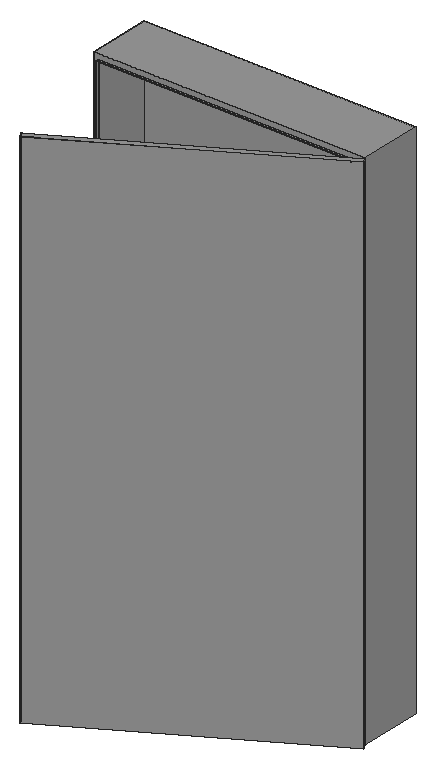
Revit family "Hager-Univers-IP44-D205-H1550-Cl.I-Encl-NoHosted-CH-it", category Electrical Equipment, Revit 2020
Family settings
  Panel Configuration = Two Columns, Circuits Across
  Round Connector Dimension = Use Diameter
  Part Type = Panelboard
  Work Plane-Based = Yes
  Always vertical = Yes
  Cut with Voids When Loaded = No
  Shared = No
  Room Calculation Point = No
Parameters (values of type "A parete IP44 L800 A1550 P205  - FP03TN2")
  Width Control [instance] = if([EF000008 - Larghezza] > Min Width, [EF000008 - Larghezza], Min Width)  # 800 mm
  Type Comments = [HG000003 - Gamma]  # "Univers"
  Thickness Door [instance] = if([EF009171 - spessore materiale porta/coperchio] > 3 mm, 3 mm, [EF009171 - spessore materiale porta/coperchio])  # 1 mm
  Seal Frame Offset [instance] = 17 mm  # constant formula
  Plinth Visibility [instance] = [HG000027 - Altezza dello zoccolo] > 0 mm  # no
  Min Width [instance] = 100 mm  # constant formula
  Min Depth [instance] = (2 * [EF009170 - spessore materiale scatola]) + 1 mm  # 3 mm
  Min Height [instance] = 100 mm  # constant formula
  Internal Frame Depth [instance] = (Door System Depth * 0.5)  # 9 mm
  Panel Name [instance] = ""  # (empty or 0)
  Model = ""
  HG000027 - Altezza dello zoccolo = 0 mm
  HG000026 - A pavimento = no
  HG000024 - Altezza della sezione inferiore = 600 mm
  HG000023 - Custodia a doppia sezione = no
  HG000016 - Visibilità delle porte nella vista 3D [instance] = yes
  HG000015 - Visibilità attraverso la porta [instance] = no
  HG000014 - Porta destra [instance] = yes
  HG000013 - Porta sinistra [instance] = not([HG000014 - Porta destra])  # no
  HG000012 - Angolo di apertura della porta [instance] = 30.00°
  HG000010 - Porte asimmetriche = no
  HG000009 - Porta doppia a battente = no
  HG000006 - Ad incasso = no
  HG000004 - Codice produttore = "FP03TN2"
  HG000003 - Gamma = "Univers"
  HG000002 - Con porta = yes
  Frame Offset Bottom [instance] = 10 mm  # constant formula
  Frame Offset [instance] = 15 mm  # constant formula
  EF015940 - Coprire con rilascio di sovrapressione = no
  EF011959 - tipo di protezione (NEMA) = ""
  EF009554 - numero delle aperture per la piastra della flangia = 6
  EF009212 - esecuzione coperchio = "EV000116 - chiuso"
  EF009171 - spessore materiale porta/coperchio = 1 mm
  EF009170 - spessore materiale scatola = 1 mm
  EF008873 - corrente nominale (In) = 250 A
  EF007800 - adatto per parafulmine = no
  EF006306 - con serratura = no
  EF006244 - coperchio/porta trasparente = no
  EF005474 - grado di protezione (IP) = "EV006418 - IP44"
  EF004464 - tipo di porta = "EV002646 - singolo"
  EF004427 - numero di moduli = 360
  EF004293 - resistenza agli urti = "EV006815 - IK09"
  EF003532 - adatto per uso esterno = no
  EF002950 - Numero moduli DIN = 36
  EF001613 - Integrità del circuito = "EV000494 - senza"
  EF001596 - Attacco Lampada = "EV000179 - acciaio"
  EF001131 - profondità interna = 205 mm
  EF001088 - possibilità di applicazione = yes
  EF000437 - numero di ingressi per conduttori = 6
  EF000339 - tipo di copertura = "EV001012 - coperchio"
  EF000266 - numero di file = 10
  EF000218 - profondità di incasso = 205 mm
  EF000118 - con piastra di montaggio = no
  EF000116 - numero RAL = "9010"
  EF000049 - profondità = 205 mm
  EF000040 - Altezza = 1550 mm
  EF000008 - Larghezza = 800 mm
  EF000007 - colore = "EV000202 - bianco"
  EF000003 - Tipo di montaggio = "EV000384 - A parete"
  Door System Leaf Tolerance [instance] = 1.5 mm  # constant formula
  Door System Depth [instance] = 18 mm  # constant formula
  Door Height [instance] = Height Control - [HG000027 - Altezza dello zoccolo]  # 1550 mm
  Description = ""
  Default Elevation = 1219.2 mm
  Connector Offset [instance] = Height Control / 2  # 775 mm
  Manufacturer = "Hager"  # constant formula
  Height Control [instance] = if([EF000040 - Altezza] > Min Height, [EF000040 - Altezza], Min Height)  # 1550 mm
  Depth Control [instance] = if([EF000049 - profondità] > Min Depth, [EF000049 - profondità], Min Depth)  # 205 mm
  Bottom Top Plate Trim [instance] = 1.5 mm  # constant formula
  Plinth height Ctrl [instance] = if([HG000027 - Altezza dello zoccolo] > 0 mm, [HG000027 - Altezza dello zoccolo], 12 mm)  # 12 mm
Types (5, lengths in mm): name | Width Control | HG000010 - Porte asimmetriche | HG000009 - Porta doppia a battente | HG000004 - Codice produttore | EF009554 - numero delle aperture per la piastra della flangia | EF008873 - corrente nominale (In) | EF004464 - tipo di porta | EF004427 - numero di moduli | EF002950 - Numero moduli DIN | EF000437 - numero di ingressi per conduttori | EF000008 - Larghezza
  A parete IP44 L1050 A1550 P205  - FP04TN2 | 1050 | no | yes | "FP04TN2" | 8 | 400 A | "EV003602 - doppio" | 480 | 48 | 8 | 1050
  A parete IP44 L1300 A1550 P205  - FP05TN2 | 1300 | yes | yes | "FP05TN2" | 10 | 400 A | "EV003602 - doppio" | 600 | 60 | 10 | 1300
  A parete IP44 L300 A1550 P205  - FP01TN2 | 300 | no | no | "FP01TN2" | 2 | 250 A | "EV002646 - singolo" | 120 | 12 | 2 | 300
  A parete IP44 L550 A1550 P205  - FP02TN2 | 550 | no | no | "FP02TN2" | 4 | 250 A | "EV002646 - singolo" | 240 | 24 | 4 | 550
  A parete IP44 L800 A1550 P205  - FP03TN2 | 800 | no | no | "FP03TN2" | 6 | 250 A | "EV002646 - singolo" | 360 | 36 | 6 | 800
Reference planes
  plane 1 "Center (Front/Back)": y = 0
  plane 2: z = 0
  plane 3 "Center (Left/Right)": x = 0
  plane 4: y = 0
  plane 5: y = 0
  plane 6: z = 0
  plane 7: x = -400
  plane 8: x = 400
  plane 9: x = 399
  plane 10: x = -399
  plane 11: z = 0
  plane 12: z = 1
  plane 13: y = -205
  plane 14: y = -1
  plane 15: x = 0
  plane 16: y = -187
  plane 17: y = -204
  plane 18: y = -186
  plane 19: x = -384
  plane 20: x = 384
  plane 21: z = 11
  plane 22: x = -383
  plane 23: x = 383
  plane 24: z = 0
  plane 25: z = 1550
  plane 26: z = 1550
  plane 27: z = 1534
  plane 28: z = 1549
Forms (mm)
  Extrusion 1, solid, material "Hager_Steel_RAL7035_Light_Grey", detail levels medium+fine
    sketch origin (-208.679, -4572, 0) x (-1, 0, 0) y (0, -1, 0)
      loop
        line (191.321, -4385) -> (-608.679, -4385) -> (-608.679, -4572) -> (191.321, -4572) -> (191.321, -4385)
    from 0 to 1550
  Extrusion 2, void
    sketch origin (-350.771, -205, 1219.2) x (1, 0, 0) y (0, 0, 1)
      loop
        line (-48.229, 329.8) -> (-48.229, -1218.2) -> (749.771, -1218.2) -> (749.771, 329.8) -> (-48.229, 329.8)
    from -19 to -204
  Extrusion 3, void
    sketch origin (-290.084, -187, 1219.2) x (1, 0, 0) y (0, 0, 1)
      loop
        line (-93.916, -1208.2) -> (674.084, -1208.2) -> (674.084, 314.8) -> (-93.916, 314.8) -> (-93.916, -1208.2)
    from 0 to -1
  Extrusion 4, solid, material "Hager_Steel_RAL7035_Light_Grey", visible <- "Plinth Visibility", detail levels medium+fine
    sketch origin (0, 0, 0) x (1, 0, 0) y (0, 1, 0)
      loop
        line (-400, 0) -> (-400, -187) -> (400, -187) -> (400, 0) -> (-400, 0)
    from 0 to 12 <- "Plinth height Ctrl"
  Extrusion 5, solid, material "Hager_Steel_RAL7035_Light_Grey", detail levels coarse
    sketch origin (0, 0, 0) x (1, 0, 0) y (0, 1, 0)
      loop
        line (-400, 0) -> (-400, -205) -> (400, -205) -> (400, 0) -> (-400, 0)
    from 0 to 1550 <- "Height Control"
  Sweep 6, void
    path in 3D
      loop
        line (-400, -187, 12) -> (400, -187, 12) -> (400, 0, 12) -> (-400, 0, 12) -> (-400, -187, 12)
    profile origin (-400, -93.5, 12) x (1, 0, 0) y (0, 0, 1)
      loop
        line (0, 0) -> (0, -1.5) -> (1.5, -1.5)
        arc (1.5, -1.5) -> (1.061, -0.439) -> (0, 0) r 1.5
  Extrusion 7, solid, material "Hager_Steel_RAL7035_Light_Grey", detail levels fine
    sketch origin (-400, -187, 0) x (1, 0, 0) y (0, 0, 1)
      loop
        line (16, 11) -> (784, 11) -> (784, 1534) -> (16, 1534) -> (16, 11)
      loop
        line (15, 10) -> (785, 10) -> (785, 1535) -> (15, 1535) -> (15, 10)
    from 0 to 9 <- "Internal Frame Depth"
Cuts and joins
  Extrusion 2, Extrusion 3 cuts Extrusion 1
  Sweep 6 cuts Extrusion 4
Lines and regions (mm)
  Masking region 1
    outline origin (0, 0, 0) x (1, 0, 0) y (0, 1, 0)
      loop
        line (-400, 0) -> (-400, -205) -> (400, -205) -> (400, 0) -> (-400, 0)
  Masking region 2, detail levels coarse
    outline origin (-290.084, -187, 1219.2) x (-1, 0, 0) y (0, 0, 1)
      loop
        line (-690.084, -1219.2) -> (109.916, -1219.2) -> (109.916, 330.8) -> (-690.084, 330.8) -> (-690.084, -1219.2)
  Masking region 3, detail levels coarse
    outline origin (0, 0, 0) x (0, 1, 0) y (0, 0, 1)
      loop
        line (0, 0) -> (0, 1550) -> (-205, 1550) -> (-205, 0) -> (0, 0)
  Masking region 4, visible <- "Plinth Visibility", detail levels medium+fine
    outline origin (0, 0, 0) x (0, 1, 0) y (0, 0, 1)
      loop
        line (-1.5, 12) -> (-185.5, 12)
        arc (-185.5, 12) -> (-185.939, 10.939) -> (-187, 10.5) r 1.5
        line (-187, 10.5) -> (-187, 0) -> (0, 0) -> (0, 10.5)
        arc (0, 10.5) -> (-1.061, 10.939) -> (-1.5, 12) r 1.5
  Masking region 5, detail levels medium+fine
    outline origin (0, 0, 594.038) x (0, 1, 0) y (0, 0, 1)
      loop
        line (0, -594.038) -> (0, 955.962) -> (-187, 955.962) -> (-187, -594.038) -> (0, -594.038)
  Masking region 6, detail levels medium+fine
    outline origin (-359.7, -187, 1211.883) x (-1, 0, 0) y (0, 0, 1)
      loop
        line (-759.7, -1211.883) -> (40.3, -1211.883) -> (40.3, 338.117) -> (-759.7, 338.117) -> (-759.7, -1211.883)
  Masking region 7, visible <- "Plinth Visibility", detail levels medium+fine
    outline origin (-320.334, -187, 1041.368) x (-1, 0, 0) y (0, 0, 1)
      loop
        line (-720.334, -1041.368) -> (79.666, -1041.368) -> (79.666, -1030.868)
        arc (79.666, -1030.868) -> (78.606, -1030.429) -> (78.166, -1029.368) r 1.5
        line (78.166, -1029.368) -> (-718.834, -1029.368)
        arc (-718.834, -1029.368) -> (-719.273, -1030.429) -> (-720.334, -1030.868) r 1.5
        line (-720.334, -1030.868) -> (-720.334, -1041.368)
  sketch lines
    curve 1: line (-400, 0, 12) -> (-400, -187, 12)
    curve 2: line (-400, -187, 12) -> (400, -187, 12)
    curve 3: line (400, 0, 12) -> (-400, 0, 12)
    curve 4: line (400, -187, 12) -> (400, 0, 12)
Dimensions and locks
  locked: plane 1 "Center (Front/Back)" to plane 5
  "EF009170 - spessore materiale scatola": plane 7 to plane 10
  "EF009170 - spessore materiale scatola": plane 8 to plane 9
  equal spacing: plane 7, plane 3 "Center (Left/Right)", plane 8
  "Width Control": plane 7 to plane 8
  "Depth Control": plane 4 to plane 13
  "EF009170 - spessore materiale scatola": plane 4 to plane 14
  "Height Control": plane 25 to level
  "HG000027 - Altezza dello zoccolo": plane 11 to level
  "EF009170 - spessore materiale scatola": plane 12 to plane 11
  "EF009170 - spessore materiale scatola": plane 17 to plane 13
  "EF009170 - spessore materiale scatola": plane 18 to plane 16
  "Frame Offset Bottom": plane 21 to plane 12
  "Frame Offset": plane 10 to plane 19
  "Frame Offset": plane 9 to plane 20
  "Door System Depth": plane 16 to plane 13
  "Seal Frame Offset": plane 7 to plane 22
  "Seal Frame Offset": plane 8 to plane 23
  "EF009170 - spessore materiale scatola": plane 26 to plane 28
  "Frame Offset": plane 28 to plane 27
  "Connector Offset": plane 2 to connector elem
  "Bottom Top Plate Trim": profile plane to Sweep 6 sketch curve
  "Bottom Top Plate Trim": Sweep 6 sketch curve to Sweep 6 sketch curve
  "Plinth height Ctrl": Masking region 4 sketch curve to level
  "Plinth height Ctrl": Masking region 7 sketch curve to level
  "Thickness Door": Extrusion 7 sketch curve to Extrusion 7 sketch curve  (x4)
  "Bottom Top Plate Trim": radius of Sweep 6 sketch curve
  "Bottom Top Plate Trim": radius of Masking region 4 sketch curve  (x2)
  "Bottom Top Plate Trim": radius of Masking region 7 sketch curve  (x2)
  aligned and locked: Extrusion 2 sketch curve to plane 12
  aligned and locked: Extrusion 2 sketch curve to plane 9
  aligned and locked: Extrusion 2 sketch curve to plane 10
  aligned and locked: Extrusion 2 to plane 14
  aligned and locked: Extrusion 1 sketch curve to plane 4
  aligned and locked: plane 8 to Extrusion 1 sketch curve
  aligned and locked: plane 7 to Extrusion 1 sketch curve
  aligned and locked: Extrusion 2 to plane 18
  aligned and locked: Extrusion 3 sketch curve to plane 19
  aligned and locked: plane 20 to Extrusion 3 sketch curve
  aligned and locked: Extrusion 3 to Extrusion 2
  aligned and locked: Extrusion 3 sketch curve to plane 21
  aligned and locked: plane 3 "Center (Left/Right)" to nested 1
  aligned and locked: Extrusion 1 sketch curve to plane 16
  aligned and locked: Extrusion 4 sketch curve to cut or joined group of Extrusion 1, Extrusion 2, Extrusion 3
  aligned and locked: Masking region 1 sketch curve to plane 7
  aligned and locked: Masking region 1 sketch curve to plane 5
  aligned and locked: Masking region 1 sketch curve to plane 8
  aligned and locked: Masking region 2 sketch curve to level
  aligned and locked: level to Masking region 3 sketch curve
  aligned and locked: plane 1 "Center (Front/Back)" to Masking region 3 sketch curve
  aligned and locked: plane 13 to Masking region 3 sketch curve
  aligned and locked: plane 5 to Masking region 4 sketch curve
  aligned and locked: Masking region 2 sketch curve to plane 8
  aligned and locked: Masking region 2 sketch curve to plane 7
  aligned and locked: plane 7 to nested 2
  aligned and locked: nested 2 to plane 5
  aligned and locked: plane 5 to Masking region 5 sketch curve
  aligned and locked: plane 26 to Masking region 5 sketch curve
  aligned and locked: Extrusion 5 sketch curve to plane 8
  aligned and locked: Extrusion 5 sketch curve to plane 7
  aligned and locked: Extrusion 5 sketch curve to plane 5
  aligned and locked: Extrusion 3 sketch curve to plane 27
  aligned and locked: Extrusion 2 sketch curve to plane 28
  aligned and locked: Masking region 2 to plane 25
  aligned and locked: Extrusion 4 to plane 16
  aligned and locked: profile plane to Sweep 6 sketch curve
  aligned and locked: Masking region 5 sketch curve to plane 24
  aligned and locked: level to Masking region 4 sketch curve
  aligned and locked: Masking region 1 to plane 13
  aligned and locked: nested 1 to plane 16
  aligned and locked: Masking region 3 to plane 25
  aligned and locked: plane 16 to Masking region 4 sketch curve
  aligned and locked: Masking region 5 sketch curve to plane 16
  aligned and locked: plane 24 to plane 11
  aligned and locked: plane 26 to plane 25
  aligned and locked: plane 26 to cut or joined group of Extrusion 1, Extrusion 2, Extrusion 3
  aligned and locked: nested 1 to plane 24
  aligned and locked: Extrusion 1 to Extrusion 3
  aligned and locked: Masking region 6 sketch curve to plane 8
  aligned and locked: Masking region 6 sketch curve to plane 24
  aligned and locked: Masking region 6 sketch curve to plane 7
  aligned and locked: Masking region 6 sketch curve to plane 26
  aligned and locked: Masking region 7 sketch curve to plane 7
  aligned and locked: level to Masking region 7 sketch curve
  aligned and locked: Masking region 7 sketch curve to plane 8
  aligned and locked: Extrusion 7 sketch curve to cut or joined group of Extrusion 1, Extrusion 2, Extrusion 3  (x4)
Automatic sketch dimensions
  plane 19 to Extrusion 3 sketch curve = 0 mm
  Extrusion 3 sketch curve to plane 20 = 0 mm
  Extrusion 3 sketch curve to plane 21 = 0 mm
  Extrusion 4 sketch curve to plane 7 = 0 mm
  Extrusion 4 sketch curve to plane 8 = 0 mm
  Extrusion 4 sketch curve to plane 16 = 0 mm
  Masking region 1 sketch curve to plane 13 = 0 mm
  Masking region 2 sketch curve to plane 25 = 0 mm
  Masking region 3 sketch curve to plane 25 = 0 mm
  Extrusion 5 sketch curve to plane 13 = 0 mm
  profile plane to Sweep 6 sketch curve = 0 mm
Nested families
  nested 1: "EC000058_Univers_Door" at (0, -187, 0), Double <- "HG000009 - Porta doppia a battente", Transparent <- "EF006244 - coperchio/porta trasparente", Angle <- "HG000012 - Angolo di apertura della porta", Door_Right <- "HG000014 - Porta destra", Assymetrical <- "HG000010 - Porte asimmetriche", Door <- "HG000002 - Con porta", Width_Ctrl <- "Width Control", 3d_Door <- "HG000016 - Visibilità delle porte nella vista 3D", Clearance <- "HG000015 - Visibilità attraverso la porta", Door_Left <- "HG000013 - Porta sinistra", Width <- "Width Control", Door_Depth <- "Door System Depth", Leaf_Tolerance <- "Door System Leaf Tolerance", Height <- "Door Height", Lock_Visibility <- "EF006306 - con serratura", Thickness <- "Thickness Door", type "EC000058_Univers_Door", detail levels medium+fine
    with min_wh 3 mm, Width_Ctrl 800 mm, Width 800 mm, Transparent no, Thickness 1 mm, Seal_Material Hager_Rubber, Lock_Visibility no, Lock_Material Hager_Plastic_RAL9005_Jet_Black, Leaf_Width 800 mm, Leaf_Tolerance_External_Sides 0 mm, Leaf_Tolerance 1.5 mm, Leaf_Offset 0 mm, Leaf_Height 1547 mm, Leaf_2_Width 800 mm, Leaf_2_Offset 400 mm, Leaf_1_Width 800 mm, Leaf_1_Offset 400 mm, Height_Ctrl 1550 mm, Height 1550 mm, Glass_Material Hager_Glass, Double_Clearance_Ctrl no, Double no, Door_Right_Ctrl yes, Door_Right yes, Door_Material Hager_Steel_RAL7035_Light_Grey, Door_Left_Ctrl no, Door_Left no, Door_Depth 18 mm, Door yes, Clearance_Material Hager_Clearance, Clearance_Depth 800 mm, Clearance_Ctrl no, Clearance no, Assymetrical no, Angle 30.00°, 3d_Door yes
  nested 2: "Hager_Enclosure_Symbol" at (-400, 0, 0), Height <- "Depth Control", Width <- "Width Control", type "Hager_Enclosure_Symbol"
    with Width_Ctrl 800 mm, Width 800 mm, Height_Ctrl 205 mm, Height 205 mm, A_Width_Int 13.453 mm, A_Width 161.438 mm, A_Height_Ctrl 179.375 mm, A_Height 179.375 mm
Connectors
  electrical at (0, 0, 775)
    settings: on plane 1 "Center (Front/Back)", index 1, voltage 0 V, apparent load 0 VA, apparent load phase1 0 VA, apparent load phase2 0 VA, apparent load phase3 0 VA, power factor 1, load classification "Other", number of poles 1, system type 30, power factor state 1, is connector primary yes, connector utility no, sub classification motor no, connector description ""
Definition of nested family "EC000058_Univers_Door"
  Parameters (values of type "EC000058_Univers_Door")
    min_wh [instance] = (2 * Thickness) + 1 mm  # 11 mm
    Width_Ctrl [instance] = 400 mm
    Width [instance] = 500 mm
    Transparent [instance] = yes
    Thickness [instance] = 5 mm
    Seal_Material [instance] = none
    Lock_Visibility [instance] = yes
    Lock_Material [instance] = none
    Leaf_Width [instance] = if((Width_Ctrl - 2 * Leaf_Tolerance_External_Sides) > 0 mm, (Width_Ctrl - 2 * Leaf_Tolerance_External_Sides), min_wh)  # 400 mm
    Leaf_Tolerance_External_Sides [instance] = 0 mm  # constant formula
    Leaf_Tolerance [instance] = 1.5 mm
    Leaf_Offset [instance] = 0 mm  # constant formula
    Leaf_Height [instance] = if((Height_Ctrl - 2 * Leaf_Tolerance) > 0 mm, (Height_Ctrl - 2 * Leaf_Tolerance), min_wh)  # 497 mm
    Leaf_2_Width [instance] = if(and(and(Double, Assymetrical), Door_Left), (Leaf_Width / 3) - (Leaf_Tolerance / 2), if(and(and(Double, Assymetrical), Door_Right), (Leaf_Width / 3) * 2 - (Leaf_Tolerance / 2), if(and(Double, not(Assymetrical)), (Leaf_Width / 2) - Leaf_Tolerance, Leaf_Width)))  # 400 mm
    Leaf_2_Offset [instance] = if(and(Double, Assymetrical), Leaf_2_Width / 2, if(and(Double, not(Assymetrical)), Leaf_Width / 4, Leaf_Width / 2))  # 200 mm
    Leaf_1_Width [instance] = if(and(and(Double, Assymetrical), Door_Right), (Leaf_Width / 3) - (Leaf_Tolerance / 2), if(and(and(Double, Assymetrical), Door_Left), (Width / 3) * 2 - (Leaf_Tolerance / 2), if(and(Double, not(Assymetrical)), (Leaf_Width / 2) - Leaf_Tolerance, Leaf_Width)))  # 400 mm
    Leaf_1_Offset [instance] = if(and(Double, Assymetrical), Leaf_1_Width / 2, if(and(Double, not(Assymetrical)), Leaf_Width / 4, Leaf_Width / 2))  # 200 mm
    Height_Ctrl [instance] = if(Height > min_wh, Height, min_wh)  # 500 mm
    Height [instance] = 500 mm
    Glass_Material [instance] = none
    Double_Clearance_Ctrl [instance] = and(Double, Clearance)  # no
    Double [instance] = no
    Door_Right_Ctrl [instance] = and(or(Door_Right, Double), Door)  # yes
    Door_Right [instance] = yes
    Door_Material [instance] = none
    Door_Left_Ctrl [instance] = and(or(Door_Left, Double), Door)  # no
    Door_Left [instance] = no
    Door_Depth [instance] = 30 mm
    Door [instance] = yes
    Default Elevation = 1219.2 mm
    Clearance_Material [instance] = none
    Clearance_Depth [instance] = if(Leaf_1_Width > Leaf_2_Width, Leaf_1_Width, Leaf_2_Width)  # 400 mm
    Clearance_Ctrl [instance] = and(not(Double), Clearance)  # yes
    Clearance [instance] = yes
    Assymetrical [instance] = yes
    Angle [instance] = 30.00°
    3d_Door [instance] = yes
  Reference planes
    plane 1 "Center (Front/Back)": y = 0
    plane 2 "Bottom": z = 0
    plane 3 "Center (Left/Right)": x = 0
    plane 4: z = 500
    plane 5: x = -200
    plane 6: x = 200
    plane 7: z = 500
    plane 8: x = -200
    plane 9: z = 0
    plane 10: x = 200
    plane 11: y = 0
    plane 12: z = 1.5
    plane 13: x = -600
    plane 14: y = -400
    plane 15: x = 600
    plane 16: x = 0
    plane 17: x = 0
    plane 18: x = -200
    plane 19: x = 200
    plane 20: z = 498.5
  Forms (mm)
    Extrusion 1, solid, material <- "Clearance_Material", visible <- "Double_Clearance_Ctrl"
      sketch origin (1200, 0, 0) x (1, 0, 0) y (0, 0, -1)
        loop
          line (-1800, -498.5) -> (-600, -498.5) -> (-600, 0) -> (-1800, 0) -> (-1800, -498.5)
      from 0 to -400
  Dimensions and locks
    equal spacing: plane 5, plane 3 "Center (Left/Right)", plane 6
    "Width_Ctrl": plane 5 to plane 6
    "Leaf_Offset": plane 5 to plane 8
    "Leaf_Offset": plane 6 to plane 10
    "Leaf_Offset": plane 9 to level
    "Leaf_Offset": plane 4 to plane 7
    "Height_Ctrl": plane 4 to level
    "Leaf_Tolerance": plane 12 to plane 9
    locked: plane 11 to plane 1 "Center (Front/Back)"
    "Leaf_1_Offset": plane 18 to plane 16
    "Leaf_2_Offset": plane 17 to plane 19
    "Leaf_1_Width": plane 13 to plane 8
    "Leaf_2_Width": plane 10 to plane 15
    "Clearance_Depth": plane 14 to plane 1 "Center (Front/Back)"
    "Leaf_Tolerance_External_Sides": plane 8 to plane 18
    "Leaf_Tolerance_External_Sides": plane 19 to plane 10
    "Leaf_Tolerance": plane 7 to plane 20
    aligned and locked: level to plane 2 "Bottom"
    aligned and locked: nested 1 to plane 16
    aligned and locked: nested 2 to plane 17
    aligned and locked: Extrusion 1 to plane 13
    aligned and locked: plane 15 to Extrusion 1
    aligned and locked: Extrusion 1 to plane 14
    aligned and locked: plane 12 to nested 1
    aligned and locked: nested 2 to plane 12
    aligned and locked: Extrusion 1 to plane 11
    aligned and locked: plane 20 to Extrusion 1
    aligned and locked: nested 2 to plane 11
    aligned and locked: nested 1 to plane 11
  Automatic sketch dimensions
    Extrusion 1 sketch curve to level = 0 mm
    plane 5 to Extrusion 1 sketch curve = 400 mm
    plane 6 to Extrusion 1 sketch curve = 400 mm
    Extrusion 1 sketch curve to plane 4 = 1.5 mm
  Nested families
    nested 1: "EC000058_Univers_Door_Leaf" at (0, 0, 1.5), Width <- "Leaf_1_Width", visible <- "Door_Left_Ctrl", Leaf_Height <- "Leaf_Height", Angle <- "Angle", 3d_Door <- "3d_Door", Transparent <- "Transparent", Clearance Material <- "Clearance_Material", Clearance <- "Clearance_Ctrl", Door_Material <- "Door_Material", Glass_Material <- "Glass_Material", Door_Depth <- "Door_Depth", Lock_Material <- "Lock_Material", Seal_Material <- "Seal_Material", Lock_Visibility <- "Lock_Visibility", Thickness <- "Thickness", type "EC000058_Univers_Door_Leaf"
      with Width 400 mm, Transparent_Glass_Offset 30 mm, Transparent_Ctrl yes, Transparent yes, Thickness 5 mm, Standard no, Seal_Material none, Seal_D2 8 mm, Seal_D1 1 mm, Offset_Internal_Frame 10 mm, Lock_Width 20 mm, Lock_Visibility_3d yes, Lock_Visibility yes, Lock_Thickness_3 3 mm, Lock_Thickness_2 1 mm, Lock_Thickness_1 3 mm, Lock_Radius_Offset_2 16 mm, Lock_Radius_Offset_1 15 mm, Lock_Radius_2 5 mm, Lock_Radius 6 mm, Lock_Offset 5 mm, Lock_Material none, Lock_Height 80 mm, Lock_Cover_Top_Offset_2d 17 mm, Lock_Cover_Height -65 mm, Leaf_Height 497 mm, Internal_Seal_Thickness 8 mm, Internal_Seal_Depth_2 4.5 mm, Internal_Frame_Depth 25 mm, Glass_Thickness -1 mm, Glass_Offset -2 mm, Glass_Material none, Door_Material none, Door_Depth 30 mm, Clearance Material none, Clearance yes, Angle_Ctrl 30.00°, Angle 30.00°, 3d_Door yes
    nested 2: "EC000058_Univers_Door_Leaf" at (0, 0, 1.5) x (-1, 0, 0) z (0, 0, 1), Width <- "Leaf_2_Width", visible <- "Door_Right_Ctrl", Leaf_Height <- "Leaf_Height", Angle <- "Angle", 3d_Door <- "3d_Door", Transparent <- "Transparent", Clearance Material <- "Clearance_Material", Clearance <- "Clearance_Ctrl", Door_Material <- "Door_Material", Glass_Material <- "Glass_Material", Door_Depth <- "Door_Depth", Lock_Material <- "Lock_Material", Seal_Material <- "Seal_Material", Lock_Visibility <- "Lock_Visibility", Thickness <- "Thickness", type "EC000058_Univers_Door_Leaf"
      with Width 400 mm, Transparent_Glass_Offset 30 mm, Transparent_Ctrl yes, Transparent yes, Thickness 5 mm, Standard no, Seal_Material none, Seal_D2 8 mm, Seal_D1 1 mm, Offset_Internal_Frame 10 mm, Lock_Width 20 mm, Lock_Visibility_3d yes, Lock_Visibility yes, Lock_Thickness_3 3 mm, Lock_Thickness_2 1 mm, Lock_Thickness_1 3 mm, Lock_Radius_Offset_2 16 mm, Lock_Radius_Offset_1 15 mm, Lock_Radius_2 5 mm, Lock_Radius 6 mm, Lock_Offset 5 mm, Lock_Material none, Lock_Height 80 mm, Lock_Cover_Top_Offset_2d 17 mm, Lock_Cover_Height -65 mm, Leaf_Height 497 mm, Internal_Seal_Thickness 8 mm, Internal_Seal_Depth_2 4.5 mm, Internal_Frame_Depth 25 mm, Glass_Thickness -1 mm, Glass_Offset -2 mm, Glass_Material none, Door_Material none, Door_Depth 30 mm, Clearance Material none, Clearance yes, Angle_Ctrl 30.00°, Angle 30.00°, 3d_Door yes
  Definition of nested family "EC000058_Univers_Door_Leaf"
    Parameters (values of type "EC000058_Univers_Door_Leaf")
      Width [instance] = 2000 mm
      Transparent_Glass_Offset [instance] = 30 mm
      Transparent_Ctrl [instance] = and(Transparent, [3d_Door])  # yes
      Transparent [instance] = yes
      Thickness [instance] = 5 mm
      Standard [instance] = and(not(Transparent), [3d_Door])  # no
      Seal_Material [instance] = none
      Seal_D2 [instance] = 8 mm  # constant formula
      Seal_D1 [instance] = 1 mm  # constant formula
      Offset_Internal_Frame [instance] = 10 mm  # constant formula
      Lock_Width [instance] = 20 mm  # constant formula
      Lock_Visibility_3d [instance] = and(Lock_Visibility, [3d_Door])  # yes
      Lock_Visibility [instance] = yes
      Lock_Thickness_3 [instance] = 3 mm  # constant formula
      Lock_Thickness_2 [instance] = 1 mm  # constant formula
      Lock_Thickness_1 [instance] = 3 mm  # constant formula
      Lock_Radius_Offset_2 [instance] = Lock_Radius_Offset_1 + 1 mm  # 16 mm
      Lock_Radius_Offset_1 [instance] = 15 mm  # constant formula
      Lock_Radius_2 [instance] = Lock_Radius - 1 mm  # 5 mm
      Lock_Radius [instance] = 6 mm  # constant formula
      Lock_Offset [instance] = 5 mm  # constant formula
      Lock_Material [instance] = none
      Lock_Height [instance] = 80 mm  # constant formula
      Lock_Cover_Top_Offset_2d [instance] = Lock_Radius_Offset_2 + 1 mm  # 17 mm
      Lock_Cover_Height [instance] = -(Lock_Height - Lock_Radius_Offset_1)  # -65 mm
      Leaf_Height [instance] = 2720.336 mm
      Internal_Seal_Thickness [instance] = 8 mm  # constant formula
      Internal_Seal_Depth_2 [instance] = 4.5 mm  # constant formula
      Internal_Frame_Depth [instance] = if(Door_Depth - Thickness > 5 mm, Door_Depth - Thickness, 5 mm)  # 25 mm
      Glass_Thickness [instance] = if(Thickness > 15 mm, Glass_Offset + 10 mm, -1 mm)  # -1 mm
      Glass_Offset [instance] = if(Thickness > 15 mm, -(Thickness + 10 mm) / 2, -2 mm)  # -2 mm
      Glass_Material [instance] = none
      Door_Material [instance] = none
      Door_Depth [instance] = 30 mm
      Default Elevation = 0 mm
      Clearance Material [instance] = none
      Clearance [instance] = yes
      Angle_Ctrl [instance] = if(Angle > 180.00°, 180.00°, Angle)  # 90.00°
      Angle [instance] = 90.00°
      3d_Door [instance] = yes
    Reference planes
      plane 1 "Center (Front/Back)": y = 0
      plane 2: z = 0
      plane 3 "Center (Left/Right)": x = 0
      plane 4: y = 2000
      plane 5: x = -1000
      plane 6: x = 1000
      plane 7: x = -3000
      plane 8: z = 2720.336
      plane 9: z = 30
      plane 10: z = 2690.336
      plane 11: x = 970
      plane 12: x = -970
      plane 13: y = -3
      plane 14: z = 107.833
      plane 15: y = -5
      plane 16: y = -223.314
      plane 17: x = -1000
      plane 18: z = 1360.168
      plane 19: y = 30
    Forms (mm)
      Extrusion 1, solid, material <- "Clearance Material", visible <- "Clearance"
        sketch origin (0, 0, 0) x (1, 0, 0) y (0, 0, 1)
          loop
            line (-3000, 2720.336) -> (-3000, 0) -> (1000, 0) -> (1000, 2720.336) -> (-3000, 2720.336)
        from 0 to -2000
      Extrusion 2, solid, material <- "Door_Material", visible <- "Standard", detail levels medium+fine
        sketch origin (-1000, 0, 0) x (0, 1, 0) y (-1, 0, 0)
          loop
            line (0, 30) -> (0, 25) -> (2000, 25) -> (2000, 30) -> (0, 30)
        from 0 to 2720.336 <- "Leaf_Height"
      Extrusion 3, solid, material <- "Door_Material", visible <- "Transparent_Ctrl", detail levels medium+fine
        sketch origin (-1000, 0, 0) x (0, 1, 0) y (-1, 0, 0)
          loop
            line (0, 25) -> (2000, 25) -> (2000, 30) -> (0, 30) -> (0, 25)
        from 0 to 2720.336 <- "Leaf_Height"
      Extrusion 4, void
        sketch origin (-1025, 2000, 0) x (0, 1, 0) y (0, 0, -1)
          loop
            line (-30, -2690.336) -> (-30, -30) -> (-1970, -30) -> (-1970, -2690.336) -> (-30, -2690.336)
        from 0 to 5 <- "Thickness"
      Sweep 5, solid, material <- "Seal_Material", visible <- "Transparent_Ctrl", detail levels fine
        path in 3D
          loop
            line (-1025, 30, 30) -> (-1025, 30, 2690.336) -> (-1025, 1970, 2690.336) -> (-1025, 1970, 30) -> (-1025, 30, 30)
        profile origin (-1025, 1000, 30) x (1, 0, 0) y (0, 0, 1)
          loop
            line (0, 0) -> (0, -8) -> (1, -8) -> (1, 0) -> (0, 0)
      Extrusion 6, solid, material <- "Glass_Material", visible <- "Transparent_Ctrl", detail levels medium+fine
        sketch origin (-1030, 0, 0) x (0, 1, 0) y (0, 0, -1)
          loop
            line (1970, -2690.336) -> (1970, -30) -> (30, -30) -> (30, -2690.336) -> (1970, -2690.336)
        from -2 <- "Glass_Offset" to -1 <- "Glass_Thickness"
      Extrusion 7, solid, material <- "Door_Material", visible <- "3d_Door", detail levels medium+fine
        sketch origin (-1025, 2000, 0) x (0, -1, 0) y (0, 0, -1)
          loop
            line (0, -2720.336) -> (2000, -2720.336) -> (2000, 0) -> (0, 0) -> (0, -2720.336)
          loop
            line (1995, -5) -> (5, -5) -> (5, -2715.336) -> (1995, -2715.336) -> (1995, -5)
        from 0 to 25 <- "Internal_Frame_Depth"
      Sweep 8, solid, material <- "Seal_Material", visible <- "Transparent_Ctrl", detail levels fine
        path in 3D
          loop
            line (-1025, 0, 0) -> (-1025, 2000, 0) -> (-1025, 2000, 2720.336) -> (-1025, 0, 2720.336) -> (-1025, 0, 0)
        profile origin (-1025, 0, 1360.168) x (1, 0, 0) y (0, 1, 0)
          loop
            line (0, 10) -> (2.975, 10)
            arc (2.975, 10) -> (4.053, 10.447) -> (4.5, 11.525) r 1.525
            line (4.5, 11.525) -> (4.5, 16.527)
            arc (4.5, 16.527) -> (4.069, 17.569) -> (3.027, 18) r 1.473
            line (3.027, 18) -> (0, 18) -> (0, 10)
      Extrusion 9, solid, material <- "Lock_Material", visible <- "Lock_Visibility_3d", detail levels fine
        sketch origin (-1030, 0, 0) x (0, 1, 0) y (0, 0, -1)
          loop
            arc (1993.5, -1400.168) -> (1994.561, -1399.729) -> (1995, -1398.668) r 1.5
            line (1995, -1398.668) -> (1995, -1320.168) -> (1975, -1320.168) -> (1975, -1398.668)
            arc (1975, -1398.668) -> (1975.439, -1399.729) -> (1976.5, -1400.168) r 1.5
            line (1976.5, -1400.168) -> (1993.5, -1400.168)
        from 3 <- "Lock_Thickness_1" to 0
      Blend 10, solid, material <- "Lock_Material", visible <- "Lock_Visibility_3d", detail levels fine
        base sketch origin (-1033, 0, 0) x (0, 1, 0) y (0, 0, -1)
          loop
            line (1975, -1320.168) -> (1975, -1398.668)
            arc (1975, -1398.668) -> (1975.439, -1399.729) -> (1976.5, -1400.168) r 1.5
            line (1976.5, -1400.168) -> (1993.5, -1400.168)
            arc (1993.5, -1400.168) -> (1994.561, -1399.729) -> (1995, -1398.668) r 1.5
            line (1995, -1398.668) -> (1995, -1320.168) -> (1975, -1320.168)
        top sketch origin (-1033, 0, 0) x (0, 1, 0) y (0, 0, -1)
          loop
            line (1976, -1320.168) -> (1976, -1398.668)
            arc (1976, -1398.668) -> (1976.146, -1399.022) -> (1976.5, -1399.168) r 0.5
            line (1976.5, -1399.168) -> (1993.5, -1399.168)
            arc (1993.5, -1399.168) -> (1993.854, -1399.022) -> (1994, -1398.668) r 0.5
            line (1994, -1398.668) -> (1994, -1320.168) -> (1976, -1320.168)
        from 0 to 1 <- "Lock_Thickness_2"
      Blend 11, solid, material <- "Lock_Material", visible <- "Lock_Visibility_3d", detail levels fine
        base sketch origin (-1034, 0, 0) x (0, 1, 0) y (0, 0, -1)
          loop
            line (1978, -1320.168) -> (1978, -1384.168)
            arc (1978, -1384.168) -> (1985, -1391.168) -> (1992, -1384.168) r 7
            line (1992, -1384.168) -> (1992, -1320.168) -> (1978, -1320.168)
        top sketch origin (-1034, 0, 0) x (0, 1, 0) y (0, 0, -1)
          loop
            line (1991, -1320.168) -> (1979, -1320.168) -> (1979, -1383.168)
            arc (1979, -1383.168) -> (1985, -1389.168) -> (1991, -1383.168) r 6
            line (1991, -1383.168) -> (1991, -1320.168)
        from 0 to 3 <- "Lock_Thickness_3"
      Extrusion 12, solid, material <- "Lock_Material", visible <- "Lock_Visibility_3d", detail levels fine
        sketch origin (-1030, 1975, 1320.168) x (1, 0, 0) y (0, -1, 0)
          loop
            line (-7, -19) -> (-7, -1) -> (0, -1) -> (0, 0) -> (-8, 0) -> (-8, -20) -> (0, -20) -> (0, -19) -> (-7, -19)
        from 0 to -65 <- "Lock_Cover_Height"
      Extrusion 13, void
        sketch origin (-1038, 1995, 1320.168) x (-1, 0, 0) y (0, 0, -1)
          loop
            line (-5, -65) -> (0, -65) -> (-5, -60) -> (-5, -65)
        from 0 to 20 <- "Lock_Width"
      Extrusion 14, void
        sketch origin (-1038, 1975, 1320.168) x (0, -1, 0) y (0, 0, -1)
          loop
            circle (-10, -15.995) r 6
          loop
            circle (-10, -15.995) r 5
        from 0 to 2
      Extrusion 15, solid, material <- "Lock_Material", visible <- "Lock_Visibility_3d", detail levels medium
        sketch origin (-1030, 0, 0) x (0, 1, 0) y (0, 0, -1)
          loop
            arc (1993.5, -1400.168) -> (1994.561, -1399.729) -> (1995, -1398.668) r 1.5
            line (1995, -1398.668) -> (1995, -1320.168) -> (1975, -1320.168) -> (1975, -1398.668)
            arc (1975, -1398.668) -> (1975.439, -1399.729) -> (1976.5, -1400.168) r 1.5
            line (1976.5, -1400.168) -> (1993.5, -1400.168)
        from 8 to 0
    Cuts and joins
      Extrusion 4 cuts Extrusion 3
      Extrusion 13, Extrusion 14 cuts Extrusion 9
      Extrusion 14 cuts Blend 11
      Extrusion 13, Extrusion 14 cuts Extrusion 12
      joined: Extrusion 9, Blend 10, Blend 11, Extrusion 12
      Extrusion 14 cuts Extrusion 15
    Lines and regions (mm)
      Masking region 1, visible <- "Lock_Visibility", detail levels fine
        outline origin (0, 0, 0) x (0, 1, 0) y (0, 0, 1)
          loop
            line (30, 1320.168) -> (33, 1320.168) -> (33, 1400.168) -> (30, 1400.168) -> (30, 1320.168)
      Masking region 2, visible <- "Lock_Visibility", detail levels fine
        outline origin (0, 3.143, 0) x (0, 1, 0) y (0, 0, 1)
          loop
            line (29.857, 1354.168) -> (30.857, 1354.168) -> (30.857, 1366.168) -> (29.857, 1366.168) -> (29.857, 1354.168)
      Masking region 3, detail levels medium+fine
        outline origin (0, 0, 0) x (0, 1, 0) y (0, 0, 1)
          loop
            line (0, 0) -> (30, 0) -> (30, 2720.336) -> (0, 2720.336) -> (0, 0)
      Masking region 4, detail levels medium+fine
        outline origin (0, 0, 0) x (1, 0, 0) y (0, 0, 1)
          loop
            line (-1000, 2720.336) -> (-1000, 0) -> (1000, 0) -> (1000, 2720.336) -> (-1000, 2720.336)
      Masking region 5, visible <- "Lock_Visibility", detail levels fine
        outline origin (-47.116, 0, 0) x (1, 0, 0) y (0, 0, 1)
          loop
            arc (1024.616, 1399.168) -> (1023.556, 1398.729) -> (1023.116, 1397.668) r 1.5
            line (1023.116, 1397.668) -> (1023.116, 1320.168) -> (1041.116, 1320.168) -> (1041.116, 1397.668)
            arc (1041.116, 1397.668) -> (1040.677, 1398.729) -> (1039.616, 1399.168) r 1.5
            line (1039.616, 1399.168) -> (1024.616, 1399.168)
      Masking region 6, visible <- "Lock_Visibility", detail levels medium+fine
        outline origin (-25, 0, 0) x (1, 0, 0) y (0, 0, 1)
          loop
            arc (1001.5, 1400.168) -> (1000.439, 1399.729) -> (1000, 1398.668) r 1.5
            line (1000, 1398.668) -> (1000, 1320.168) -> (1020, 1320.168) -> (1020, 1398.668)
            arc (1020, 1398.668) -> (1019.561, 1399.729) -> (1018.5, 1400.168) r 1.5
            line (1018.5, 1400.168) -> (1001.5, 1400.168)
      Masking region 7, visible <- "Lock_Visibility", detail levels fine
        outline origin (-73.735, 0, 0) x (1, 0, 0) y (0, 0, 1)
          loop
            line (1051.735, 1382.168) -> (1065.735, 1382.168) -> (1065.735, 1384.168)
            arc (1065.735, 1384.168) -> (1058.735, 1391.168) -> (1051.735, 1384.168) r 7
            line (1051.735, 1384.168) -> (1051.735, 1382.168)
      Masking region 8, visible <- "Lock_Visibility", detail levels fine
        outline origin (-73.735, 0, 0) x (1, 0, 0) y (0, 0, 1)
          loop
            line (1052.735, 1382.168) -> (1064.735, 1382.168) -> (1064.735, 1383.168)
            arc (1064.735, 1383.168) -> (1058.735, 1389.168) -> (1052.735, 1383.168) r 6
            line (1052.735, 1383.168) -> (1052.735, 1382.168)
      Masking region 9, visible <- "Lock_Visibility", detail levels fine
        outline origin (-25, 0, 0) x (1, 0, 0) y (0, 0, 1)
          loop
            line (1020, 1320.168) -> (1020, 1382.168) -> (1000, 1382.168) -> (1000, 1320.168) -> (1020, 1320.168)
      Masking region 10, detail levels medium+fine
        outline origin (0, 0, 0) x (1, 0, 0) y (0, 0, 1)
          loop
            circle (985, 1335.144) r 6
      Masking region 11, detail levels fine
        outline origin (0, 0, 0) x (1, 0, 0) y (0, 0, 1)
          loop
            circle (985, 1335.144) r 5
      Masking region 12, visible <- "Lock_Visibility", detail levels fine
        outline origin (0, 12.767, 0) x (0, 1, 0) y (0, 0, 1)
          loop
            line (20.233, 1320.168) -> (21.233, 1320.168) -> (21.233, 1399.168) -> (20.233, 1400.168) -> (20.233, 1320.168)
      Masking region 13, visible <- "Lock_Visibility", detail levels fine
        outline origin (0, 13.767, -10) x (0, 1, 0) y (0, 0, 1)
          loop
            line (20.233, 1330.168) -> (23.233, 1330.168) -> (23.233, 1399.168) -> (20.233, 1402.168) -> (20.233, 1330.168)
      Masking region 14, visible <- "Lock_Visibility", detail levels fine
        outline origin (0, 12.767, -10) x (0, 1, 0) y (0, 0, 1)
          loop
            line (20.233, 1330.168) -> (25.233, 1330.168) -> (25.233, 1399.305) -> (20.233, 1394.305) -> (20.233, 1330.168)
      Masking region 15, visible <- "Lock_Visibility", detail levels medium
        outline origin (0, 0, 0) x (0, 1, 0) y (0, 0, 1)
          loop
            line (30, 1320.168) -> (38, 1320.168) -> (38, 1400.168) -> (30, 1400.168) -> (30, 1320.168)
      Masking region 16, visible <- "Lock_Visibility", detail levels fine
        outline origin (-1000, 0, 0) x (0, 1, 0) y (-1, 0, 0)
          loop
            line (1975, 30) -> (1995, 30) -> (1995, 38) -> (1975, 38) -> (1975, 30)
          loop
            line (1979, 37) -> (1976, 37) -> (1976, 34) -> (1978, 34) -> (1979, 37)
          loop
            line (1994, 37) -> (1991, 37) -> (1992, 34) -> (1994, 34) -> (1994, 37)
      Masking region 17, visible <- "Lock_Visibility", detail levels medium
        outline origin (-1000, 0, 0) x (0, 1, 0) y (-1, 0, 0)
          loop
            line (1975, 30) -> (1995, 30) -> (1995, 38) -> (1975, 38) -> (1975, 30)
      symbolic lines
        curve 1: line (1000, 0, 0) -> (-3000, 0, 0)
        curve 2: arc (1000, 0, 0) -> (-1000, 2000, 0) -> (-3000, 0, 0) r 2000
        curve 4: line (-1030, 0, 0) -> (-1030, 2000, 0)
      reference lines
        curve 3: line (-1000, 0, 0) -> (-1000, 2000, 0)
      symbolic lines, detail levels medium+fine
        curve 5: line (-1030, 2000, 0) -> (-1025, 2000, 0)
        curve 7: line (-1025, 0, 0) -> (-1030, 0, 0)
        curve 8: line (-1025, 0, 0) -> (-1000, 0, 0)
        curve 9: line (-1000, 0, 0) -> (-1000, 2000, 0)
        curve 10: line (-1000, 2000, 0) -> (-1025, 2000, 0)
      symbolic lines, detail levels fine
        curve 6: line (-1025, 2000, 0) -> (-1025, 0, 0)
      sketch lines
        curve 11: line (-1025, 0, 2720.336) -> (-1025, 0, 0)
        curve 12: line (-1025, 2000, 0) -> (-1025, 0, 0)
        curve 13: line (-1025, 2000, 2720.336) -> (-1025, 2000, 0)
        curve 14: line (-1025, 0, 2720.336) -> (-1025, 2000, 2720.336)
        curve 15: line (-1025, 1970, 30) -> (-1025, 30, 30)
        curve 16: line (-1025, 30, 30) -> (-1025, 30, 2690.336)
        curve 17: line (-1025, 1970, 2690.336) -> (-1025, 1970, 30)
        curve 18: line (-1025, 30, 2690.336) -> (-1025, 1970, 2690.336)
      symbolic lines, visible <- "Transparent", detail levels medium+fine
        curve 19: line (-970, 0, 2690.336) -> (970, 0, 2690.336)
        curve 20: line (-970, 0, 30) -> (-970, 0, 2690.336)
        curve 21: line (970, 0, 30) -> (-970, 0, 30)
        curve 22: line (970, 0, 2690.336) -> (970, 0, 30)
    Dimensions and locks
      "Width": plane 1 "Center (Front/Back)" to plane 4
      equal spacing: plane 5, plane 3 "Center (Left/Right)", plane 6
      "Width": plane 5 to plane 6
      "Width": plane 7 to plane 5
      "Leaf_Height": plane 8 to level
      "Width": curve 5 to curve 3
      "Width": curve 3 to curve 3
      plane 8 to plane 10 = 30 mm
      plane 9 to level = 30 mm
      plane 12 to plane 5 = 30 mm
      plane 6 to plane 11 = 30 mm
      Extrusion 1 to Extrusion 4 sketch curve = 30 mm
      "Transparent_Glass_Offset": curve 3 to Extrusion 4 sketch curve
      "Transparent_Glass_Offset": Extrusion 4 sketch curve to cut or joined group of Extrusion 3, Extrusion 4  (x2)
      cut or joined group of Extrusion 3, Extrusion 4 to Extrusion 6 sketch curve = 30 mm
      "Transparent_Glass_Offset": cut or joined group of Extrusion 3, Extrusion 4 to Extrusion 4 sketch curve
      "Thickness": curve 6 to curve 4
      "Thickness": Extrusion 7 sketch curve to Extrusion 7 sketch curve  (x4)
      "Door_Depth": curve 4 to curve 3
      "Offset_Internal_Frame": profile plane to Sweep 8 sketch curve
      "Internal_Seal_Thickness": Sweep 8 sketch curve to Sweep 8 sketch curve
      "Internal_Seal_Depth_2": profile plane to Sweep 8 sketch curve
      "Seal_D1": profile plane to Sweep 5 sketch curve
      "Seal_D2": profile plane to Sweep 5 sketch curve
      "Thickness": Extrusion 2 sketch curve to Extrusion 2 sketch curve
      equal spacing: Extrusion 9 sketch curve, plane 18, Extrusion 9 sketch curve  (x2)
      equal spacing: Masking region 1 sketch curve, plane 18, Masking region 1 sketch curve
      "Lock_Height": Masking region 1 sketch curve to Masking region 1 sketch curve
      "Lock_Radius": Masking region 2 sketch curve to plane 18 to Masking region 2 sketch curve
      Masking region 2 sketch curve to Masking region 1 = 1 mm
      "Door_Depth": plane 19 to plane 1 "Center (Front/Back)"
      "Lock_Thickness_1": Masking region 1 sketch curve to plane 19
      "Lock_Width": Extrusion 9 sketch curve to Extrusion 9 sketch curve
      "Lock_Height": Extrusion 9 sketch curve to Extrusion 9 sketch curve
      "Lock_Offset": cut or joined group of Extrusion 3, Extrusion 4 to Extrusion 9 sketch curve
      equal spacing: plane 8, plane 18, level
      "Lock_Radius_Offset_1": Blend 11 sketch curve to Blend 10
      locked: Blend 10 to Blend 11 sketch curve at 2  (x2)
      locked: var sketch to Blend 11 sketch curve at 1  (x2)
      "Lock_Radius_Offset_2": Blend 11 sketch curve to Blend 10
      locked: Extrusion 12 sketch curve to Extrusion 12 sketch curve at 1  (x3)
      Masking region 6 sketch curve to Masking region 6 sketch curve = 80 mm
      "Lock_Height": Masking region 6 sketch curve to Masking region 6 sketch curve
      "Lock_Width": Masking region 6 sketch curve to Masking region 6 sketch curve
      locked: Masking region 6 to Masking region 5 sketch curve at 1  (x3)
      locked: Masking region 5 to Masking region 7 sketch curve at 2  (x2)
      "Lock_Radius_Offset_1": Masking region 5 to Masking region 7 sketch curve
      "Lock_Radius_Offset_2": Masking region 5 to Masking region 8 sketch curve
      locked: Masking region 7 to Masking region 8 sketch curve at 1  (x2)
      "Lock_Cover_Top_Offset_2d": Masking region 5 to Masking region 9 sketch curve
      equal spacing: Masking region 9, Masking region 10 sketch curve, Masking region 9
      equal spacing: Masking region 9, Masking region 11 sketch curve, Masking region 9
      Extrusion 15 sketch curve to Extrusion 15 sketch curve = 80 mm
      "Lock_Width": Extrusion 15 sketch curve to Extrusion 15 sketch curve
      "Lock_Height": Extrusion 15 sketch curve to Extrusion 15 sketch curve
      equal spacing: Extrusion 15 sketch curve, plane 18, Extrusion 15 sketch curve
      "Lock_Thickness_3": Masking region 13 sketch curve to Masking region 13 sketch curve
      "Lock_Height": Masking region 12 sketch curve to Masking region 12 sketch curve
      locked: Masking region 13 sketch curve to Masking region 1 at 8
      locked: Masking region 14 sketch curve to Masking region 13 at 1
      locked: Masking region 14 sketch curve to Masking region 1 at 10.863
      "Lock_Height": Masking region 15 sketch curve to Masking region 15 sketch curve
      "Lock_Offset": Extrusion 15 sketch curve to cut or joined group of Extrusion 3, Extrusion 4
      "Lock_Offset": plane 6 to Masking region 6 sketch curve
      radius of Sweep 8 sketch curve = 1.525 mm
      radius of Sweep 8 sketch curve = 1.473 mm
      radius of Extrusion 9 sketch curve = 1.5 mm  (x2)
      "Lock_Radius": radius of Extrusion 14 sketch curve
      "Lock_Radius_2": radius of Extrusion 14 sketch curve
      "Lock_Radius": radius of Masking region 10 sketch curve
      "Lock_Radius_2": radius of Masking region 11 sketch curve
      radius of Extrusion 15 sketch curve = 1.5 mm  (x2)
      "Angle_Ctrl": angle plane 1 "Center (Front/Back)" to curve 3
      locked: Masking region 12 sketch curve to Masking region 12 sketch curve (angle 45.00°)
      locked: Masking region 13 sketch curve to Masking region 13 sketch curve (angle 45.00°)
      locked: Masking region 14 sketch curve to Masking region 14 sketch curve (angle 45.00°)
      aligned and locked: level to plane 2
      aligned and locked: Extrusion 1 to curve 1
      aligned and locked: plane 6 to Extrusion 1
      aligned and locked: Extrusion 1 to plane 1 "Center (Front/Back)"
      aligned and locked: plane 4 to Extrusion 1
      aligned and locked: plane 8 to Extrusion 1
      aligned and locked: curve 7 to Extrusion 2 sketch curve
      aligned and locked: curve 5 to Extrusion 2 sketch curve
      aligned and locked: curve 7 to Extrusion 3 sketch curve
      aligned and locked: Extrusion 3 sketch curve to curve 4
      aligned and locked: Extrusion 3 sketch curve to curve 6
      aligned and locked: Extrusion 3 sketch curve to curve 5
      aligned and locked: curve 9 to curve 3
      aligned and locked: Extrusion 7 sketch curve to cut or joined group of Extrusion 3, Extrusion 4  (x4)
      aligned and locked: plane 17 to curve 3
      aligned and locked: plane 1 "Center (Front/Back)" to curve 3
      aligned and locked: plane 17 to plane 5
      aligned and locked: Sweep 8 sketch curve to profile plane
      aligned and locked: Sweep 5 sketch curve to profile plane  (x2)
      aligned and locked: Masking region 1 to Masking region 2 sketch curve
      aligned and locked: plane 19 to Masking region 1 sketch curve
      aligned and locked: plane 1 "Center (Front/Back)" to Masking region 3 sketch curve
      aligned and locked: plane 19 to Masking region 3 sketch curve
      aligned and locked: level to Masking region 3 sketch curve
      aligned and locked: Masking region 3 sketch curve to plane 8
      aligned and locked: plane 17 to Masking region 4 sketch curve
      aligned and locked: level to Masking region 4 sketch curve
      aligned and locked: Masking region 4 sketch curve to plane 8
      aligned and locked: plane 12 to curve 20
      aligned and locked: plane 10 to curve 19
      aligned and locked: plane 11 to curve 22
      aligned and locked: curve 21 to plane 9
      aligned and locked: Extrusion 2 sketch curve to cut or joined group of Extrusion 3, Extrusion 4
      aligned and locked: Blend 10 sketch curve to Extrusion 9  (x4)
      aligned and locked: Extrusion 9 to Blend 10 sketch curve
      aligned and locked: Blend 10 to Blend 11 sketch curve
      aligned and locked: Extrusion 12 sketch curve to Blend 11
      aligned and locked: Extrusion 12 sketch curve to Extrusion 9  (x4)
      aligned and locked: Masking region 5 sketch curve to Masking region 6
      aligned and locked: Masking region 9 sketch curve to Masking region 6  (x3)
      aligned and locked: Masking region 12 sketch curve to Masking region 1
      aligned and locked: Masking region 13 sketch curve to Masking region 1
      aligned and locked: Masking region 12 to Masking region 14
      aligned and locked: Masking region 14 sketch curve to Masking region 1
      aligned and locked: Masking region 15 sketch curve to Masking region 14
      aligned and locked: Masking region 13 sketch curve to Masking region 12
      aligned and locked: Masking region 16 sketch curve to cut or joined group of Extrusion 14, Extrusion 15  (x4)
      aligned and locked: Masking region 16 sketch curve to cut or joined group of Extrusion 9, Blend 10, Blend 11, Extrusion 12, Extrusion 13, Extrusion 14  (x6)
      aligned and locked: cut or joined group of Extrusion 9, Blend 10, Blend 11, Extrusion 12, Extrusion 13, Extrusion 14 to Masking region 16 sketch curve
      aligned and locked: Masking region 17 sketch curve to cut or joined group of Extrusion 14, Extrusion 15  (x3)
      aligned and locked: Masking region 17 sketch curve to cut or joined group of Extrusion 9, Blend 10, Blend 11, Extrusion 12, Extrusion 13, Extrusion 14
      aligned and locked: Masking region 9 to Masking region 8 sketch curve
      aligned and locked: Masking region 9 to Masking region 7 sketch curve
    Automatic sketch dimensions
      plane 1 "Center (Front/Back)" to curve 2 = 0 mm
      curve 2 to plane 5 = 0 mm
      Extrusion 1 sketch curve to level = 0 mm
      Extrusion 1 sketch curve to plane 7 = 0 mm
      Extrusion 1 sketch curve to plane 6 = 0 mm
      Extrusion 1 sketch curve to plane 8 = 0 mm
      Extrusion 3 to Extrusion 6 sketch curve = 30 mm  (x4)
      Masking region 4 sketch curve to plane 6 = 0 mm
      Blend 10 sketch curve to Extrusion 9 = 1.5 mm
      Blend 10 sketch curve to Extrusion 9 = 1 mm
      Extrusion 13 sketch curve to Extrusion 12 = 0 mm  (x2)
      Extrusion 12 to Extrusion 13 sketch curve = 3 mm
      Extrusion 13 sketch curve to Extrusion 12 = 5 mm
      Extrusion 14 sketch curve to Extrusion 14 sketch curve = 0 mm  (x2)
      Extrusion 14 sketch curve to Extrusion 12 = 10 mm
      Extrusion 14 sketch curve to Extrusion 12 = 15.995 mm
      Masking region 5 sketch curve to Masking region 5 sketch curve = 1.5 mm  (x2)
      Masking region 10 sketch curve to plane 18 = 25.024 mm
      Masking region 11 sketch curve to plane 18 = 25.024 mm
      plane 19 to Masking region 14 sketch curve = 3 mm
      Masking region 16 sketch curve to Masking region 16 sketch curve = 3 mm
      curve 4 to curve 3 = 0 mm
      Blend 10 to Blend 11 sketch curve = 0 mm
      Masking region 6 sketch curve to Masking region 6 sketch curve = 1.5 mm  (x2)
      Masking region 6 sketch curve to plane 18 = 40 mm
      plane 19 to Masking region 12 sketch curve = 3 mm
      Masking region 12 sketch curve to Masking region 12 sketch curve = 1 mm
      Masking region 15 sketch curve to plane 19 = 0 mm
      Masking region 15 sketch curve to plane 18 = 40 mm
      radius of Blend 10 sketch curve to Extrusion 9 = 1 mm
Definition of nested family "Hager_Enclosure_Symbol"
  Parameters (values of type "Hager_Enclosure_Symbol")
    Width_Ctrl [instance] = if(Width > 1 mm, Width, 1 mm)  # 102.27 mm
    Width [instance] = 102.27 mm
    Height_Ctrl [instance] = if(Height > 1 mm, Height, 1 mm)  # 66.5 mm
    A_Width_Int [instance] = if(A_Width / 12 > 2 mm, A_Width / 12, 2 mm)  # 4.364 mm
    A_Width [instance] = if(A_Height_Ctrl * 0.9 > 2 mm, A_Height_Ctrl * 0.9, 2 mm)  # 52.369 mm
    A_Height_Ctrl [instance] = if(A_Height > 2 mm, A_Height, 2 mm)  # 58.188 mm
    Height [instance] = 66.5 mm
    A_Height [instance] = Height - (Height / 8)  # 58.188 mm
  Reference planes
    plane 1 "Centre (avant/arrière)": y = 0
    plane 2: z = 0
    plane 3 "Centre (gauche/droite)": x = 0
    plane 4: x = 52.369
    plane 5: y = 33.042
    plane 6: y = 41.77
    plane 7: y = 66.5
    plane 8: x = 26.184
    plane 9: y = 37.406
    plane 10: x = 102.27
    plane 11: y = 66.5
    plane 12: y = 8.313
  Lines and regions (mm)
    Filled region 1, type "Solid_Black", in view "Niveau de réf."
      outline origin (0, 0, 0) x (1, 0, 0) y (0, 1, 0)
        loop
          line (52.369, 66.5) -> (33.188, 54.536) -> (45.365, 45.006) -> (52.369, 66.5)
    Filled region 2, type "Solid_Black", in view "Niveau de réf."
      outline origin (0, 0, 0) x (1, 0, 0) y (0, 1, 0)
        loop
          line (0, 0) -> (102.27, 0) -> (102.27, 66.5) -> (0, 0)
    detail lines, in view "Niveau de réf."
      curve 1: line (0, 8.313, 0) -> (26.184, 41.77, 0)
      curve 2: line (26.184, 41.77, 0) -> (26.184, 33.042, 0)
      curve 3: line (26.184, 33.042, 0) -> (52.369, 66.5, 0)
  Dimensions and locks
    "A_Width": plane 3 "Centre (gauche/droite)" to plane 4
    equal spacing: plane 3 "Centre (gauche/droite)", plane 8, plane 4
    equal spacing: plane 6, plane 9, plane 5
    equal spacing: curve 3, Filled region 1 sketch curve, Filled region 1 sketch curve
    "Height_Ctrl": plane 1 "Centre (avant/arrière)" to plane 11
    "A_Height_Ctrl": plane 11 to plane 12
    equal spacing: plane 11, plane 9, plane 12
    "A_Width_Int": plane 6 to plane 9
    "Width_Ctrl": plane 3 "Centre (gauche/droite)" to plane 10
    angle Filled region 1 sketch curve to curve 3 = 20.00°
    angle curve 3 to Filled region 1 sketch curve = 20.00°
    locked: curve 3 to Filled region 1 sketch curve (angle 90.00°)
    aligned and locked: plane 10 to Filled region 2
    aligned and locked: plane 11 to Filled region 2 sketch curve
    aligned and locked: plane 10 to Filled region 2 sketch curve
    aligned and locked: plane 3 "Centre (gauche/droite)" to curve 1
    aligned and locked: plane 12 to curve 1
    aligned and locked: plane 7 to plane 11
  Automatic sketch dimensions
    Filled region 1 sketch curve to plane 4 = 0 mm
    Filled region 1 sketch curve to plane 7 = 0 mm
    plane 1 "Centre (avant/arrière)" to Filled region 2 sketch curve = 0 mm
    Filled region 2 sketch curve to plane 3 "Centre (gauche/droite)" = 0 mm
    curve 2 to plane 6 = 0 mm
    curve 2 to plane 8 = 0 mm
    curve 3 to plane 4 = 0 mm
    curve 2 to plane 5 = 0 mm
    curve 3 to plane 7 = 0 mm
